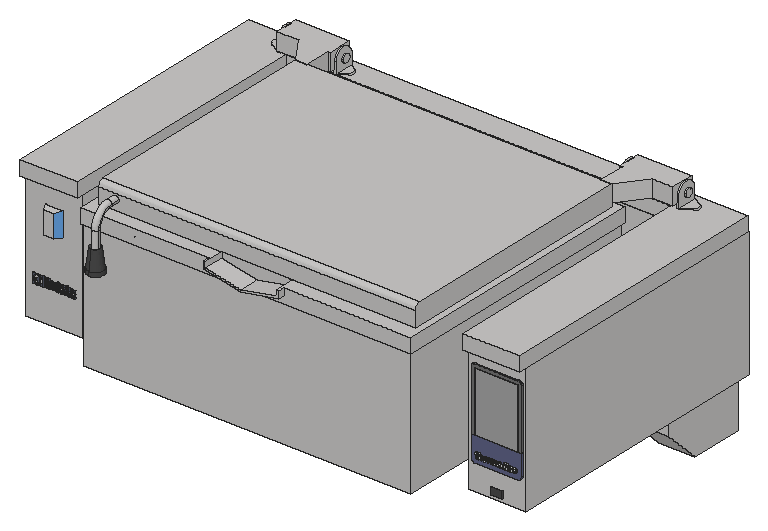
Revit family "QF_ELECTROLUXPROFESSIONAL_586280_PFET08ETEO", category Attrezzature speciali, Revit 2020
Family settings
  Quota connettore circolare = Usa diametro
  Tipo di parte = Normale
  Basato su piano di lavoro = No
  Sempre verticale = Sì
  Taglio con vuoti quando caricato = No
  Condiviso = No
  Punto di calcolo locali = No
Parameters (values of type "Standard")
  Weight = 240.00 kg
  Watts = 20600 W
  Volts = 400 V
  URL Manufacturer = "https://www.electroluxprofessional.com/"
  URL = "https://www.electroluxprofessional.com/"
  Steam Supply Size = 0 mm
  Steam Supply Minimum Pressure = 0.0 Pa
  Steam Supply Maximum Pressure = 0.0 Pa
  Steam Consumption per Hour = 0
  Refrigeration Suction Line Size = 0.0 mm
  Refrigeration Liquid Line Size = 0.0 mm
  Refrigerant Compressor Remote = yes
  Prospetto di default = 0.0 mm
  Produttore = "Electrolux Professional"
  Phase = 3
  Modello = "PFET08ETEO"
  Length Actual = 1400.0 mm  # constant formula
  Item Number = "586280"
  Hot Water Size = 12.7 mm
  Height Actual = 400.0 mm  # constant formula
  HP = "27.6 HP"
  Gas Size = 0 mm
  Gas KW = 0
  Gas Input Pressure = 0 W
  Direct Waste Size = 0 mm
  Descrizione = "ELECTRIC TILTING BRAISING PAN, 80L, COMPOUND, WALL,D800"
  Depth Actual = 800.0 mm  # constant formula
  Cycle = 50 Hz
  Condensate Return Size = 0 mm
  Compressed Air Volume = 0.0 L/s
  Compressed Air Size = 0 mm
  Compressed Air Pressure = 0.0 Pa
  Cold Water Size = 12.7 mm
  Accessory = yes
Reference planes
  plane 1 "Center (Front/Back)": y = 0
  plane 2: z = 0
  plane 3 "Center (Left/Right)": x = 0
  plane 4 "LEFT": x = -700
  plane 5 "RIGHT": x = 700
  plane 6 "BACK": y = 400
  plane 7 "FRONT": y = -400
  plane 8 "Base": z = 200
  plane 9 "TOP": z = 900
  plane 10: x = -540
  plane 11: x = 540
  plane 12 "Axe_PentolaY": y = -180
  plane 13 "AxePentolaZ": z = 730
  plane 14 "PLANE_TOP": z = 860
  plane 15: y = 330
  plane 16: z = 833
  plane 17: z = 502
  plane 18: z = 340
  plane 19: y = -502
  plane 20 "CentroPentolaY": y = -108
  plane 21 "TopCoperchio": z = 958
  plane 22 "Versamento": z = 910
  plane 23 "V1": through (-107.18, -558, 4000) normal (-0.7071, -0.7071, 0)
  plane 24 "V2": through (107.18, -558, 4000) normal (-0.7071, 0.7071, 0)
  plane 25 "Gfront": y = -1250
  plane 26 "LEVEL": through (-245.562, -289.383, 4000) normal (0.866, 0.5, 0)
  plane 27 "GRight": x = 250
  plane 28 "GLeft": x = -250
  plane 29 "Gback": y = -150
  plane 30: z = 1771
  plane 31 "Ribaltamento": y = -522
  plane 32 "AxeL": x = -620
  plane 33 "AxeR": x = 620
  plane 34 "Pentola_Back": y = 258
  plane 35 "Pentola_L": x = -457.5
  plane 36 "Pentola_R": x = 457.5
  plane 37: x = -397.5
  plane 38 "axeC1": x = -480
  plane 39 "axeC2": x = 480
Forms (mm)
  Revolve 1, solid, material "QF_Finishes_Stainless Steel"
    sketch origin (0, 0, 730) x (-1, 0, 0) y (0, -1, 0)
      loop
        line (540, 180) -> (-540, 180) -> (-540, 90) -> (-530, 90) -> (-530, 123) -> (530, 123) -> (530, 90) -> (540, 90) -> (540, 180)
      axis (540, 180) -> (-540, 180)
    angle from 0 to 360
  Extrusion 2, solid, material "QF_Finishes_Stainless Steel"
    sketch origin (0, 0, 860) x (-1, 0, 0) y (0, -1, 0)
      loop
        line (700, 400) -> (540, 400) -> (540, -330) -> (-540, -330) -> (-540, 400) -> (-700, 400) -> (-700, -400) -> (700, -400) -> (700, 400)
    from 0 to 40
  Extrusion 3, solid, material "QF_Finishes_Stainless Steel"
    sketch origin (0, 0, 860) x (-1, 0, 0) y (0, -1, 0)
      loop
        line (540, -330) -> (-540, -330) -> (-540, -400) -> (540, -400) -> (540, -330)
    from 0 to -360
  Extrusion 4, solid, material "QF_Finishes_Stainless Steel"
    sketch origin (-480, 0, 0) x (0, 1, 0) y (0, 0, 1)
      loop
        line (383.242, 900) -> (383.242, 931.379)
        arc (383.242, 931.379) -> (356.621, 958) -> (330, 931.379) r 26.621
        line (330, 931.379) -> (330, 900) -> (383.242, 900)
    from 75 to 82
  Extrusion 5, solid, material "QF_Finishes_Stainless Steel"
    sketch origin (-380, 0, 900) x (0, 1, 0) y (-1, 0, 0)
      loop
        line (334.36, 18) -> (345.936, -3.201)
        arc (345.936, -3.201) -> (356.621, -9.541) -> (367.305, -3.201) r 12.174
        line (367.305, -3.201) -> (378.882, 18) -> (334.36, 18)
      loop
        line (345.936, 211.185) -> (330, 182) -> (383.242, 182) -> (367.305, 211.185)
        arc (367.305, 211.185) -> (356.621, 217.525) -> (345.936, 211.185) r 12.174
    from 0 to 3
  Extrusion 6, solid, material "QF_Finishes_Stainless Steel"
    sketch origin (0, 0, 0) x (0, 1, 0) y (0, 0, 1)
      loop
        line (258, 860) -> (-479, 860) -> (-479, 502) -> (258, 502) -> (258, 860)
    from -457.5 to 457.5
  Extrusion 7, solid, material "QF_Finishes_Stainless Steel"
    sketch origin (0, 0, 0) x (0, 1, 0) y (0, 0, 1)
      loop
        line (264, 860) -> (264, 900) -> (-485, 900) -> (-485, 860) -> (264, 860)
    from -463.5 to 463.5
  Extrusion 8, void
    sketch origin (0, -400, 0) x (-1, 0, 0) y (0, 0, 1)
      loop
        line (-100, 900) -> (-100, 883.7) -> (0, 865.086) -> (100, 883.7) -> (100, 900) -> (-100, 900)
    from -102 to -45
  Extrusion 9, solid, material "QF_Finishes_Stainless Steel"
    sketch origin (0, 0, 0) x (0, 1, 0) y (0, 0, 1)
      loop
        line (244, 958) -> (-430, 958)
        arc (-430, 958) -> (-440.607, 953.607) -> (-445, 943) r 15
        line (-445, 943) -> (-445, 900) -> (244, 900) -> (244, 958)
    from -443.5 to 443.5
  Extrusion 10, solid, material "QF_Finishes_Stainless Steel"
    sketch origin (0, -400, 0) x (-1, 0, 0) y (0, 0, 1)
      loop
        line (105, 879.545) -> (105, 900) -> (100, 900) -> (100, 883.7) -> (0, 865.086) -> (-100, 883.7) -> (-100, 900) -> (-105, 900) -> (-105, 879.545) -> (0, 860) -> (105, 879.545)
    from -102 to -79
  Extrusion 11, solid, material "QF_Finishes_Stainless Steel"
    sketch origin (-480, 0, 0) x (0, 1, 0) y (0, 0, 1)
      loop
        line (383.242, 900) -> (383.242, 931.379)
        arc (383.242, 931.379) -> (356.621, 958) -> (330, 931.379) r 26.621
        line (330, 931.379) -> (330, 900) -> (383.242, 900)
    from -82 to -75
  Extrusion 12, solid, material "QF_Finishes_Stainless Steel"
    sketch origin (-480, 0, 0) x (0, 1, 0) y (0, 0, 1)
      loop
        circle (356.621, 931.379) r 10
    from 82 to 89
  Extrusion 13, solid, material "QF_Finishes_Stainless Steel"
    sketch origin (-480, 0, 0) x (0, 1, 0) y (0, 0, 1)
      loop
        circle (356.621, 931.379) r 10
    from -82 to -89
  Extrusion 14, solid, material "QF_Finishes_Stainless Steel"
    sketch origin (480, 0, 900) x (0, 1, 0) y (-1, 0, 0)
      loop
        arc (345.936, -111.185) -> (356.621, -117.525) -> (367.305, -111.185) r 12.174
        line (367.305, -111.185) -> (383.242, -82) -> (330, -82) -> (345.936, -111.185)
      loop
        line (345.936, 111.185) -> (330, 82) -> (383.242, 82) -> (367.305, 111.185)
        arc (367.305, 111.185) -> (356.621, 117.525) -> (345.936, 111.185) r 12.174
    from 0 to 3
  Extrusion 15, solid, material "QF_Finishes_Stainless Steel"
    sketch origin (480, 0, 0) x (0, 1, 0) y (0, 0, 1)
      loop
        circle (356.621, 931.379) r 10
    from 82 to 89
  Extrusion 16, solid, material "QF_Finishes_Stainless Steel"
    sketch origin (480, 0, 0) x (0, 1, 0) y (0, 0, 1)
      loop
        circle (356.621, 931.379) r 10
    from -82 to -89
  Extrusion 17, solid, material "QF_Finishes_Stainless Steel"
    sketch origin (480, 0, 0) x (0, 1, 0) y (0, 0, 1)
      loop
        line (383.242, 900) -> (383.242, 931.379)
        arc (383.242, 931.379) -> (356.621, 958) -> (330, 931.379) r 26.621
        line (330, 931.379) -> (330, 900) -> (383.242, 900)
    from 75 to 82
  Extrusion 18, solid, material "QF_Finishes_Stainless Steel"
    sketch origin (480, 0, 0) x (0, 1, 0) y (0, 0, 1)
      loop
        line (383.242, 900) -> (383.242, 931.379)
        arc (383.242, 931.379) -> (356.621, 958) -> (330, 931.379) r 26.621
        line (330, 931.379) -> (330, 900) -> (383.242, 900)
    from -82 to -75
  Extrusion 19, solid, material "QF_Finishes_Stainless Steel"
    sketch origin (0, 0, 900) x (0, 1, 0) y (-1, 0, 0)
      loop
        line (318.242, 412.5) -> (318.242, 405) -> (383.242, 405) -> (383.242, 555) -> (318.242, 555) -> (318.242, 495.485) -> (244, 443.5) -> (244, 412.5) -> (318.242, 412.5)
      loop
        line (318.242, -412.5) -> (244, -412.5) -> (244, -443.5) -> (318.242, -495.485) -> (318.242, -555) -> (383.242, -555) -> (383.242, -405) -> (318.242, -405) -> (318.242, -412.5)
    from 10 to 58
  Extrusion 20, solid, material "QF_Door-Drawer Clearances", detail levels coarse
    sketch origin (0, 43.989, -0.088) x (0, 1, 0) y (0, 0, 1)
      loop
        arc (-542.39, 847.898) -> (-565.226, 709.247) -> (-522.989, 575.225) r 302.677
        line (-522.989, 575.225) -> (-522.989, 847.898) -> (-542.39, 847.898)
      loop
        line (325.826, 958.088) -> (124.719, 1720.046) -> (110.522, 1716.299) -> (105.888, 1733.858)
        arc (105.888, 1733.858) -> (78.382, 1766.541) -> (35.668, 1766.049) r 50.001
        arc (35.668, 1766.049) -> (-403.465, 1439.012) -> (-557.984, 913.736) r 864.329
        arc (-557.984, 913.736) -> (-540.994, 929.536) -> (-518.989, 936.891) r 54.807
        line (-518.989, 936.891) -> (-488.989, 936.891) -> (-488.989, 943.088)
        arc (-488.989, 943.088) -> (-484.596, 953.695) -> (-473.989, 958.088) r 15
        line (-473.989, 958.088) -> (325.826, 958.088)
    from 105 to -105
Cuts and joins
  Extrusion 8 cuts Extrusion 7
  joined: Extrusion 7, Extrusion 10
Lines and regions (mm)
  symbolic lines
    curve 1: line (700, 400, 900) -> (-700, 400, 900)
    curve 2: line (700, -400, 900) -> (700, 400, 900)
    curve 3: line (-700, 400, 900) -> (-700, -400, 900)
    curve 4: line (-700, -400, 900) -> (-540, -400, 900)
    curve 5: line (-540, -400, 900) -> (-540, 318.242, 900)
    curve 6: line (540, -400, 900) -> (700, -400, 900)
    curve 7: line (530, -90, 900) -> (530, -270, 900)
    curve 8: line (-530, -90, 900) -> (-530, -270, 900)
    curve 9: line (-530, -90, 900) -> (-540, -90, 900)
    curve 10: line (-530, -270, 900) -> (-540, -270, 900)
    curve 11: line (530, -90, 900) -> (540, -90, 900)
    curve 12: line (530, -270, 900) -> (540, -270, 900)
    curve 18: line (562, 330, 900) -> (555, 330, 900)
    curve 19: line (-530, -122.761, 900) -> (-462.169, -122.761, 900)
    curve 20: line (-530, -236.868, 900) -> (-463.5, -236.868, 900)
    curve 21: line (530, -122.761, 900) -> (463.5, -122.761, 900)
    curve 22: line (530, -236.868, 900) -> (463.5, -236.868, 900)
    curve 49: line (-495.485, 318.242, 900) -> (-443.5, 244, 900)
    curve 50: line (-397.5, 244, 900) -> (-397.5, 264, 900)
    curve 51: line (-555, 383.242, 900) -> (-555, 318.242, 900)
    curve 52: line (-398, 383.242, 900) -> (-562, 383.242, 900)
    curve 53: line (-569, 366.621, 900) -> (-569, 346.621, 900)
    curve 54: line (-591.185, 345.936, 900) -> (-562, 330, 900)
    curve 55: arc (-591.185, 367.305, 900) -> (-597.525, 356.621, 900) -> (-591.185, 345.936, 900) r 12.174
    curve 56: line (-562, 383.242, 900) -> (-591.185, 367.305, 900)
    curve 57: line (-562, 383.242, 900) -> (-562, 330, 900)
    curve 58: arc (591.185, 345.936, 900) -> (597.525, 356.621, 900) -> (591.185, 367.305, 900) r 12.174
    curve 59: line (562, 330, 900) -> (591.185, 345.936, 900)
    curve 60: line (591.185, 367.305, 900) -> (562, 383.242, 900)
    curve 61: line (562, 330, 900) -> (562, 383.242, 900)
    curve 62: line (569, 346.621, 900) -> (569, 366.621, 900)
    curve 63: line (405, 383.242, 900) -> (405, 318.242, 900)
    curve 64: line (368.815, 345.936, 900) -> (398, 330, 900)
    curve 65: line (398, 383.242, 900) -> (368.815, 367.305, 900)
    curve 66: arc (368.815, 367.305, 900) -> (362.475, 356.621, 900) -> (368.815, 345.936, 900) r 12.174
    curve 67: line (391, 366.621, 900) -> (391, 346.621, 900)
    curve 68: line (398, 383.242, 900) -> (398, 330, 900)
    curve 69: line (-412.5, 244, 900) -> (-412.5, 318.242, 900)
    curve 70: line (463.5, 264, 900) -> (457.504, 264, 900)
    curve 71: line (-569, 366.621, 900) -> (-562, 366.621, 900)
    curve 72: line (-569, 346.621, 900) -> (-562, 346.621, 900)
    curve 73: line (-391, 366.621, 900) -> (-398, 366.621, 900)
    curve 74: line (-391, 346.621, 900) -> (-398, 346.621, 900)
    curve 75: line (391, 346.621, 900) -> (398, 346.621, 900)
    curve 76: line (391, 366.621, 900) -> (398, 366.621, 900)
    curve 77: line (569, 366.621, 900) -> (562, 366.621, 900)
    curve 78: line (569, 346.621, 900) -> (562, 346.621, 900)
    curve 79: line (398, 383.242, 900) -> (562, 383.242, 900)
    curve 80: line (405, 330, 900) -> (-398, 330, 900)
    curve 81: line (555, 318.242, 900) -> (555, 383.242, 900)
    curve 82: line (540, 318.242, 900) -> (540, -400, 900)
    curve 83: line (-562, 330, 900) -> (-555, 330, 900)
    curve 84: line (-391, 366.621, 900) -> (-391, 346.621, 900)
    curve 85: line (-392, 337.636, 900) -> (-376.799, 345.936, 900)
    curve 86: arc (-376.799, 345.936, 900) -> (-370.459, 356.621, 900) -> (-376.799, 367.305, 900) r 12.174
    curve 87: line (412.5, 244, 900) -> (412.5, 318.242, 900)
    curve 88: line (-495.485, 318.242, 900) -> (-555, 318.242, 900)
    curve 89: line (-412.5, 318.242, 900) -> (-405, 318.242, 900)
    curve 90: line (-405, 318.242, 900) -> (-405, 383.242, 900)
    curve 91: line (-376.799, 367.305, 900) -> (-398, 378.882, 900)
    curve 92: line (-398, 383.242, 900) -> (-398, 330, 900)
    curve 93: line (-457.504, 264, 900) -> (-463.5, 264, 900)
    curve 94: line (412.5, 264, 900) -> (-412.5, 264, 900)
    curve 95: line (555, 318.242, 900) -> (495.485, 318.242, 900)
    curve 96: line (495.485, 318.242, 900) -> (443.5, 244, 900)
    curve 97: line (405, 318.242, 900) -> (412.5, 318.242, 900)
    curve 98: line (-443.5, -445, 900) -> (443.5, -445, 900)
    curve 99: line (463.5, -485, 900) -> (105, -485, 900)
    curve 100: line (-105, -485, 900) -> (-463.5, -485, 900)
    curve 101: line (-405, 330, 900) -> (-398, 330, 900)
  symbolic lines, style "SpecialityEquipmentHiddenLines"
    curve 13: line (-250, -1250, 900) -> (250, -1250, 900)
    curve 14: line (-250, -150, 900) -> (-250, -1250, 900)
    curve 15: line (250, -150, 900) -> (-250, -150, 900)
    curve 16: line (250, -1250, 900) -> (250, -150, 900)
    curve 39: line (0, -1115.484, 900) -> (0, -1085.484, 900)
    curve 40: line (-15, -1100.484, 900) -> (15, -1100.484, 900)
  symbolic lines, style "SpecialityEquipment"
    curve 17: circle (0, -1100.484, 900) r 15 normal (0, 0, 1)
    curve 23: line (210, -1250, 900) -> (210, -1050, 900)
    curve 24: line (170, -1250, 900) -> (170, -1090, 900)
    curve 25: line (130, -1250, 900) -> (130, -1130, 900)
    curve 26: line (90, -1250, 900) -> (90, -1170, 900)
    curve 27: line (90, -1210, 900) -> (250, -1210, 900)
    curve 28: line (130, -1170, 900) -> (250, -1170, 900)
    curve 29: line (170, -1130, 900) -> (250, -1130, 900)
    curve 30: line (210, -1090, 900) -> (250, -1090, 900)
    curve 31: line (-210, -1250, 900) -> (-210, -1050, 900)
    curve 32: line (-170, -1250, 900) -> (-170, -1090, 900)
    curve 33: line (-130, -1250, 900) -> (-130, -1130, 900)
    curve 34: line (-90, -1250, 900) -> (-90, -1170, 900)
    curve 35: line (-90, -1210, 900) -> (-250, -1210, 900)
    curve 36: line (-130, -1170, 900) -> (-250, -1170, 900)
    curve 37: line (-170, -1130, 900) -> (-250, -1130, 900)
    curve 38: line (-210, -1090, 900) -> (-250, -1090, 900)
    curve 41: line (-443.5, 244, 900) -> (-443.5, -445, 900)
    curve 42: line (443.5, -445, 900) -> (443.5, 244, 900)
    curve 43: line (443.5, 244, 900) -> (-443.5, 244, 900)
    curve 44: line (-463.5, 264, 900) -> (-463.5, -485, 900)
    curve 45: line (463.5, -485, 900) -> (463.5, 264, 900)
    curve 46: line (-105, -502, 900) -> (105, -502, 900)
    curve 47: line (105, -502, 900) -> (105, -445, 900)
    curve 48: line (-105, -445, 900) -> (-105, -502, 900)
Dimensions and locks
  plane 4 "LEFT" to plane 5 "RIGHT" = 1400.0 mm
  equal spacing: plane 4 "LEFT", plane 3 "Center (Left/Right)", plane 5 "RIGHT"
  equal spacing: plane 6 "BACK", plane 1 "Center (Front/Back)", plane 7 "FRONT"
  plane 6 "BACK" to plane 7 "FRONT" = 800.0 mm
  plane 8 "Base" to level = 200.0 mm
  plane 9 "TOP" to level = 900.0 mm
  plane 9 "TOP" to plane 8 "Base" = 700.0 mm
  locked: plane 4 "LEFT" to plane 10 at 160
  locked: plane 11 to plane 5 "RIGHT" at 160
  locked: plane 6 "BACK" to plane 12 "Axe_PentolaY" at 580
  locked: plane 13 "AxePentolaZ" to plane 8 "Base" at 530
  locked: Revolve 1 sketch curve to Revolve 1 sketch curve at 57
  locked: Revolve 1 sketch curve to Revolve 1 sketch curve at 90
  locked: plane 10 to Revolve 1 sketch curve at 10
  locked: Revolve 1 sketch curve to plane 11 at 10
  locked: plane 9 "TOP" to plane 14 "PLANE_TOP" at 40
  plane 6 "BACK" to plane 15 = 70.0 mm
  locked: plane 16 to plane 13 "AxePentolaZ" at 103
  locked: plane 13 "AxePentolaZ" to plane 17 at 228
  locked: plane 17 to plane 18 at 162
  plane 6 "BACK" to plane 19 = 902.0 mm
  locked: plane 6 "BACK" to plane 20 "CentroPentolaY" at 508
  locked: plane 21 "TopCoperchio" to plane 9 "TOP" at 58
  locked: plane 22 "Versamento" to level at 910
  plane 6 "BACK" to plane 25 "Gfront" = 1650.0 mm
  locked: plane 28 "GLeft" to plane 3 "Center (Left/Right)" at 250
  locked: plane 3 "Center (Left/Right)" to plane 27 "GRight" at 250
  plane 6 "BACK" to plane 29 "Gback" = 550.0 mm
  plane 30 to plane 9 "TOP" = 871.0 mm
  plane 6 "BACK" to plane 31 "Ribaltamento" = 922.0 mm
  equal spacing: plane 10, plane 32 "AxeL", plane 4 "LEFT"
  equal spacing: plane 5 "RIGHT", plane 33 "AxeR", plane 11
  locked: plane 36 "Pentola_R" to plane 35 "Pentola_L" at 915
  equal spacing: plane 36 "Pentola_R", plane 3 "Center (Left/Right)", plane 35 "Pentola_L"
  locked: Extrusion 7 sketch curve to plane 34 "Pentola_Back" at 6
  plane 34 "Pentola_Back" to plane 12 "Axe_PentolaY" = 438.0 mm
  locked: plane 37 to plane 35 "Pentola_L" at 60
  plane 4 "LEFT" to plane 38 "axeC1" = 220.0 mm
  plane 39 "axeC2" to plane 5 "RIGHT" = 220.0 mm
  locked: cut or joined group of Extrusion 7, Extrusion 8, Extrusion 10 to plane 36 "Pentola_R" at 6
  locked: plane 35 "Pentola_L" to cut or joined group of Extrusion 7, Extrusion 8, Extrusion 10 at 6
  locked: Extrusion 9 to plane 35 "Pentola_L" at 14
  locked: plane 36 "Pentola_R" to Extrusion 9 at 14
  aligned and locked: level to plane 2
  aligned and locked: plane 5 "RIGHT" to nested 2
  aligned and locked: plane 4 "LEFT" to nested 1
  aligned and locked: plane 6 "BACK" to nested 2
  aligned and locked: plane 10 to Revolve 1 sketch curve
  aligned and locked: plane 11 to Revolve 1 sketch curve
  aligned and locked: plane 4 "LEFT" to Extrusion 2 sketch curve
  aligned and locked: Extrusion 2 sketch curve to plane 10
  aligned and locked: plane 7 "FRONT" to Extrusion 2 sketch curve  (x2)
  aligned and locked: Extrusion 2 sketch curve to plane 5 "RIGHT"
  aligned and locked: plane 11 to Extrusion 2 sketch curve
  aligned and locked: Extrusion 2 sketch curve to plane 6 "BACK"
  aligned and locked: plane 15 to Extrusion 2 sketch curve
  aligned and locked: Extrusion 3 sketch curve to plane 10
  aligned and locked: plane 6 "BACK" to Extrusion 3 sketch curve
  aligned and locked: plane 11 to Extrusion 3 sketch curve
  aligned and locked: Extrusion 3 sketch curve to plane 15
  aligned and locked: curve 13 to plane 25 "Gfront"
  aligned and locked: curve 14 to plane 28 "GLeft"
  aligned and locked: plane 27 "GRight" to curve 16
  aligned and locked: plane 29 "Gback" to curve 15
  aligned and locked: plane 17 to Extrusion 6 sketch curve
  aligned and locked: plane 9 "TOP" to Extrusion 7 sketch curve
  aligned and locked: Extrusion 6 to plane 35 "Pentola_L"
  aligned and locked: plane 36 "Pentola_R" to Extrusion 6
  aligned and locked: plane 37 to nested 3
Automatic sketch dimensions
  plane 12 "Axe_PentolaY" to Revolve 1 sketch curve = 0.0 mm
  Revolve 1 sketch curve to plane 12 "Axe_PentolaY" = 0.0 mm
  plane 20 "CentroPentolaY" to Revolve 1 sketch curve = 18.0 mm
  plane 5 "RIGHT" to Revolve 1 sketch curve = 432.098 mm
  Revolve 1 sketch curve to plane 4 "LEFT" = 580.148 mm
  Extrusion 4 sketch curve to plane 9 "TOP" = 0.0 mm
  Extrusion 4 sketch curve to plane 15 = 0.0 mm
  plane 15 to Extrusion 4 sketch curve = 26.621 mm
  plane 22 "Versamento" to Extrusion 4 sketch curve = 21.379 mm
  plane 16 to Extrusion 6 sketch curve = 27.0 mm
  Extrusion 6 sketch curve to plane 34 "Pentola_Back" = 0.0 mm
  Extrusion 6 sketch curve to plane 7 "FRONT" = 79.0 mm
  Extrusion 7 sketch curve to plane 7 "FRONT" = 85.0 mm
  Extrusion 9 sketch curve to plane 9 "TOP" = 0.0 mm
  Extrusion 9 sketch curve to plane 7 "FRONT" = 45.0 mm
  Extrusion 9 sketch curve to Extrusion 9 sketch curve = 15.0 mm
  Extrusion 9 sketch curve to plane 34 "Pentola_Back" = 14.0 mm
  Extrusion 11 sketch curve to plane 9 "TOP" = 0.0 mm
  Extrusion 11 sketch curve to plane 15 = 0.0 mm
  plane 15 to Extrusion 11 sketch curve = 26.621 mm
  plane 22 "Versamento" to Extrusion 11 sketch curve = 21.379 mm
  plane 15 to Extrusion 12 sketch curve = 26.621 mm
  plane 22 "Versamento" to Extrusion 12 sketch curve = 21.379 mm
  plane 15 to Extrusion 13 sketch curve = 26.621 mm
  plane 22 "Versamento" to Extrusion 13 sketch curve = 21.379 mm
  Extrusion 14 sketch curve to plane 15 = 0.0 mm  (x2)
  plane 15 to Extrusion 14 sketch curve = 15.936 mm  (x2)
  Extrusion 14 sketch curve to Extrusion 14 sketch curve = 10.684 mm  (x4)
  plane 27 "GRight" to Extrusion 14 sketch curve = 118.815 mm
  Extrusion 14 sketch curve to plane 6 "BACK" = 16.758 mm  (x2)
  Extrusion 14 sketch curve to Extrusion 14 sketch curve = 5.834 mm  (x2)
  Extrusion 14 sketch curve to Extrusion 14 sketch curve = 29.185 mm
  plane 11 to Extrusion 14 sketch curve = 22.0 mm
  Extrusion 14 sketch curve to plane 33 "AxeR" = 34.649 mm
  plane 15 to Extrusion 15 sketch curve = 26.621 mm
  plane 22 "Versamento" to Extrusion 15 sketch curve = 21.379 mm
  plane 15 to Extrusion 16 sketch curve = 26.621 mm
  plane 22 "Versamento" to Extrusion 16 sketch curve = 21.379 mm
  Extrusion 17 sketch curve to plane 9 "TOP" = 0.0 mm
  Extrusion 17 sketch curve to plane 15 = 0.0 mm
  Extrusion 17 sketch curve to Extrusion 17 sketch curve = 26.621 mm
  plane 22 "Versamento" to Extrusion 17 sketch curve = 21.379 mm
  Extrusion 18 sketch curve to plane 9 "TOP" = 0.0 mm
  Extrusion 18 sketch curve to plane 15 = 0.0 mm
  Extrusion 18 sketch curve to Extrusion 18 sketch curve = 26.621 mm
  plane 22 "Versamento" to Extrusion 18 sketch curve = 21.379 mm
  Extrusion 9 sketch curve to plane 21 "TopCoperchio" = 0.0 mm
  plane 16 to Extrusion 7 sketch curve = 27.0 mm
  plane 15 to Extrusion 5 sketch curve = 4.36 mm
  Extrusion 5 sketch curve to plane 15 = 0.0 mm
  plane 15 to Extrusion 5 sketch curve = 15.936 mm  (x2)
  Extrusion 5 sketch curve to Extrusion 5 sketch curve = 10.684 mm  (x4)
  Extrusion 5 sketch curve to plane 6 "BACK" = 16.758 mm
  plane 37 to Extrusion 5 sketch curve = 20.701 mm
  Extrusion 5 sketch curve to Extrusion 5 sketch curve = 5.834 mm  (x2)
  Extrusion 5 sketch curve to plane 10 = 22.0 mm
  plane 32 "AxeL" to Extrusion 5 sketch curve = 34.649 mm
  Extrusion 5 sketch curve to plane 6 "BACK" = 21.118 mm
  Extrusion 5 sketch curve to plane 37 = 0.5 mm
  Extrusion 20 sketch curve to plane 21 "TopCoperchio" = 0.0 mm
  plane 19 to Extrusion 20 sketch curve = 3.599 mm
  Extrusion 20 sketch curve to plane 14 "PLANE_TOP" = 12.19 mm
  Extrusion 20 sketch curve to Extrusion 20 sketch curve = 19.401 mm
  plane 19 to Extrusion 20 sketch curve = 27.0 mm
  Extrusion 20 sketch curve to plane 9 "TOP" = 17.677 mm
  plane 19 to Extrusion 20 sketch curve = 32.978 mm
  Extrusion 20 sketch curve to Extrusion 20 sketch curve = 30.0 mm
  plane 13 "AxePentolaZ" to Extrusion 20 sketch curve = 0.64 mm
  Extrusion 20 sketch curve to plane 12 "Axe_PentolaY" = 39.323 mm
  Extrusion 20 sketch curve to plane 30 = 50.0 mm
  Extrusion 20 sketch curve to plane 1 "Center (Front/Back)" = 101.535 mm
  Extrusion 20 sketch curve to plane 30 = 37.23 mm
  Extrusion 20 sketch curve to Extrusion 20 sketch curve = 48.343 mm
  Extrusion 20 sketch curve to plane 30 = 54.789 mm
  Extrusion 20 sketch curve to Extrusion 20 sketch curve = 4.634 mm
  Extrusion 20 sketch curve to plane 30 = 51.042 mm
  plane 15 to Extrusion 20 sketch curve = 19.768 mm
  plane 9 "TOP" to Extrusion 20 sketch curve = 36.803 mm
  Extrusion 20 sketch curve to plane 21 "TopCoperchio" = 15.0 mm
  Extrusion 20 sketch curve to plane 21 "TopCoperchio" = 13.078 mm
  plane 9 "TOP" to Extrusion 20 sketch curve = 13.648 mm
  Extrusion 19 sketch curve to plane 34 "Pentola_Back" = 14.0 mm  (x2)
  Extrusion 19 sketch curve to plane 15 = 11.758 mm  (x4)
  Extrusion 19 sketch curve to plane 6 "BACK" = 16.758 mm  (x2)
  Extrusion 19 sketch curve to plane 37 = 7.5 mm
  Extrusion 19 sketch curve to plane 36 "Pentola_R" = 52.5 mm
  Extrusion 19 sketch curve to Extrusion 19 sketch curve = 7.5 mm
  Extrusion 19 sketch curve to plane 36 "Pentola_R" = 14.0 mm
  plane 39 "axeC2" to Extrusion 19 sketch curve = 15.485 mm
  plane 11 to Extrusion 19 sketch curve = 15.0 mm
  Extrusion 19 sketch curve to plane 37 = 15.0 mm
  plane 35 "Pentola_L" to Extrusion 19 sketch curve = 14.0 mm
  Extrusion 19 sketch curve to plane 38 "axeC1" = 15.485 mm
  Extrusion 19 sketch curve to plane 10 = 15.0 mm
  curve 39 to plane 3 "Center (Left/Right)" = 0.0 mm
  curve 17 to plane 3 "Center (Left/Right)" = 0.0 mm
  curve 47 to plane 19 = 0.0 mm
  curve 2 to plane 5 "RIGHT" = 0.0 mm
  curve 2 to plane 7 "FRONT" = 0.0 mm
  curve 3 to plane 4 "LEFT" = 0.0 mm
  curve 3 to plane 7 "FRONT" = 0.0 mm
  curve 12 to plane 11 = 0.0 mm
  curve 10 to plane 10 = 0.0 mm
  curve 50 to plane 37 = 0.0 mm
  curve 101 to plane 15 = 0.0 mm
  curve 18 to plane 15 = 0.0 mm
  curve 54 to plane 15 = 0.0 mm
  curve 2 to plane 6 "BACK" = 0.0 mm
  plane 25 "Gfront" to curve 17 = 149.516 mm
  curve 100 to plane 35 "Pentola_L" = 6.0 mm
  plane 19 to curve 100 = 17.0 mm
  plane 36 "Pentola_R" to curve 45 = 6.0 mm
  plane 19 to curve 45 = 17.0 mm
  curve 98 to plane 36 "Pentola_R" = 14.0 mm
  curve 45 to curve 98 = 40.0 mm
  curve 12 to plane 11 = 10.0 mm
  curve 12 to plane 12 "Axe_PentolaY" = 90.0 mm
  plane 10 to curve 8 = 10.0 mm
  curve 8 to plane 12 "Axe_PentolaY" = 90.0 mm
  plane 20 "CentroPentolaY" to curve 11 = 18.0 mm
  plane 20 "CentroPentolaY" to curve 9 = 18.0 mm
  curve 41 to plane 34 "Pentola_Back" = 14.0 mm
  plane 34 "Pentola_Back" to curve 44 = 6.0 mm
  plane 34 "Pentola_Back" to curve 70 = 6.0 mm
  curve 95 to plane 15 = 11.758 mm
  curve 97 to plane 15 = 11.758 mm
  curve 89 to plane 15 = 11.758 mm
  curve 88 to plane 15 = 11.758 mm
  plane 15 to curve 85 = 15.936 mm
  plane 15 to curve 59 = 15.936 mm
  plane 15 to curve 54 = 15.936 mm
  plane 15 to curve 64 = 15.936 mm
  plane 15 to curve 75 = 16.621 mm
  plane 37 to curve 84 = 6.5 mm
  curve 86 to curve 84 = 0.684 mm
  plane 15 to curve 72 = 16.621 mm
  plane 15 to curve 78 = 16.621 mm
  curve 85 to curve 86 = 10.684 mm
  curve 66 to curve 66 = 10.684 mm
  curve 54 to curve 55 = 10.684 mm
  curve 58 to curve 58 = 10.684 mm
  curve 66 to curve 67 = 10.0 mm
  curve 86 to curve 73 = 10.0 mm
  curve 55 to curve 71 = 10.0 mm
  curve 58 to curve 77 = 10.0 mm
  curve 58 to curve 60 = 10.684 mm
  curve 55 to curve 56 = 10.684 mm
  plane 37 to curve 91 = 20.701 mm
  curve 86 to curve 91 = 10.684 mm
  curve 66 to curve 65 = 10.684 mm
  curve 92 to plane 37 = 0.5 mm
  curve 73 to curve 92 = 16.621 mm
  curve 76 to curve 65 = 16.621 mm
  curve 59 to plane 33 "AxeR" = 28.815 mm
  curve 58 to curve 58 = 5.834 mm
  curve 58 to curve 62 = 16.351 mm
  curve 62 to curve 18 = 7.0 mm
  curve 18 to curve 95 = 7.0 mm
  plane 39 "axeC2" to curve 96 = 15.485 mm
  curve 87 to plane 36 "Pentola_R" = 45.0 mm
  curve 87 to curve 97 = 7.5 mm
  curve 63 to curve 68 = 7.0 mm
  curve 76 to curve 76 = 7.0 mm
  curve 67 to curve 66 = 16.351 mm
  curve 66 to curve 65 = 5.834 mm
  plane 3 "Center (Left/Right)" to curve 47 = 105.0 mm
  curve 48 to plane 3 "Center (Left/Right)" = 105.0 mm
  curve 86 to curve 86 = 5.834 mm
  curve 90 to plane 37 = 7.5 mm
  curve 89 to curve 69 = 7.5 mm
  plane 35 "Pentola_L" to curve 98 = 14.0 mm
  curve 49 to plane 38 "axeC1" = 15.485 mm
  curve 88 to plane 10 = 15.0 mm
  curve 51 to curve 56 = 7.0 mm
  curve 72 to curve 53 = 7.0 mm
  curve 53 to curve 55 = 16.351 mm
  curve 55 to curve 56 = 5.834 mm
  curve 34 to curve 35 = 40.0 mm
  curve 26 to curve 27 = 40.0 mm
  curve 35 to curve 34 = 40.0 mm
  curve 35 to curve 36 = 40.0 mm
  curve 27 to curve 28 = 40.0 mm
  curve 26 to curve 28 = 0.0 mm
  curve 36 to curve 37 = 40.0 mm
  curve 28 to curve 29 = 40.0 mm
  curve 28 to curve 25 = 40.0 mm
  curve 37 to curve 33 = 0.0 mm
  curve 39 to curve 17 = 15.0 mm
  curve 40 to curve 17 = 0.0 mm
  curve 37 to curve 38 = 40.0 mm
  curve 29 to curve 24 = 40.0 mm
  curve 29 to curve 30 = 40.0 mm
  curve 38 to curve 32 = 0.0 mm
  curve 38 to curve 31 = 40.0 mm
  curve 30 to curve 23 = 40.0 mm
  curve 7 to curve 22 = 33.132 mm
  curve 20 to plane 12 "Axe_PentolaY" = 56.868 mm
  curve 19 to plane 20 "CentroPentolaY" = 14.761 mm
  curve 21 to plane 20 "CentroPentolaY" = 14.761 mm
  plane 34 "Pentola_Back" to curve 50 = 6.0 mm
  plane 15 to curve 85 = 7.636 mm
  curve 91 to curve 52 = 4.36 mm
  curve 64 to curve 68 = 0.0 mm
  curve 23 to plane 27 "GRight" = 40.0 mm
  curve 30 to curve 29 = 40.0 mm
  curve 24 to curve 25 = 40.0 mm
  curve 28 to curve 26 = 40.0 mm
  curve 35 to plane 3 "Center (Left/Right)" = 90.0 mm
  curve 34 to curve 36 = 40.0 mm
  curve 33 to curve 32 = 40.0 mm
  plane 28 "GLeft" to curve 31 = 40.0 mm
  plane 37 to curve 85 = 5.5 mm
  curve 19 to plane 35 "Pentola_L" = 4.669 mm
  Extrusion 8 sketch curve to plane 9 "TOP" = 0.0 mm
  plane 3 "Center (Left/Right)" to Extrusion 8 sketch curve = 100.0 mm
  plane 14 "PLANE_TOP" to Extrusion 8 sketch curve = 23.7 mm  (x2)
  Extrusion 8 sketch curve to plane 3 "Center (Left/Right)" = 100.0 mm
  plane 3 "Center (Left/Right)" to Extrusion 8 sketch curve = 0.0 mm
  plane 14 "PLANE_TOP" to Extrusion 8 sketch curve = 5.086 mm
  Extrusion 10 sketch curve to plane 9 "TOP" = 0.0 mm  (x2)
  Extrusion 10 sketch curve to plane 3 "Center (Left/Right)" = 0.0 mm  (x2)
  Extrusion 10 sketch curve to plane 14 "PLANE_TOP" = 0.0 mm
  plane 14 "PLANE_TOP" to Extrusion 10 sketch curve = 19.545 mm  (x2)
  Extrusion 10 sketch curve to plane 9 "TOP" = 16.3 mm  (x2)
  plane 14 "PLANE_TOP" to Extrusion 10 sketch curve = 5.086 mm
  Extrusion 10 sketch curve to Extrusion 10 sketch curve = 5.0 mm  (x2)
  Extrusion 10 sketch curve to plane 3 "Center (Left/Right)" = 100.0 mm
  plane 3 "Center (Left/Right)" to Extrusion 10 sketch curve = 100.0 mm
  radius of Extrusion 12 sketch curve = 10.0 mm
  radius of Extrusion 13 sketch curve = 10.0 mm
  radius of Extrusion 15 sketch curve = 10.0 mm
  radius of Extrusion 16 sketch curve = 10.0 mm
Nested families
  nested 1: "QF_ELECTROLUXPROFESSIONAL_PBOT800H400_LEFT" at (-620, 0, 0), type "QF_ELECTROLUXPROFESSIONAL_PBOT800H400_LEFT"
    with Body Finish QF_Finishes_Stainless Steel
  nested 2: "QF_ELECTROLUXPROFESSIONAL_PBOT800H400_RIGHT" at (620, 0, 0), type "QF_ELECTROLUXPROFESSIONAL_PBOT800H400_RIGHT"
    with Body Finish QF_Finishes_Stainless Steel
  nested 3: "QF_ELECTROLUXPROFESSIONAL_PFET900_LEVEL2" at (-397.5, -445, 927.803), type "QF_ELECTROLUXPROFESSIONAL_PFET900_LEVEL2"
Connectors
  piping at (-650, 403, 395), diameter 12.7, driven by "Hot Water Size"
    settings: on nested 1, index 1, connector inside diameter 609.6 mm, connector length 0.0 mm, flow factor 0, pipe flow 0.0 L/s, pressure drop 0.0 Pa, fitting loss kfactor 0, connector angle 0.00°, fixture units 0, engagement length 0.0 mm, angle of deflection 0.00°, flow configuration 1, flow direction 1, fitting loss method 0, system type 19, joint type 0, gender type 0, connector reference index -1, connector utility 0, adjustable connector no, is connector primary yes, connector description "Hot Water Inlet"
  piping at (-590, 403, 395), diameter 12.7, driven by "Cold Water Size"
    settings: on nested 1, index 2, connector inside diameter 609.6 mm, connector length 0.0 mm, flow factor 0, pipe flow 0.0 L/s, pressure drop 0.0 Pa, fitting loss kfactor 0, connector angle 0.00°, fixture units 0, engagement length 0.0 mm, angle of deflection 0.00°, flow configuration 1, flow direction 1, fitting loss method 0, system type 20, joint type 0, gender type 0, connector reference index -1, connector utility 0, adjustable connector no, is connector primary no, connector description "Cold Water Inlet"
  electrical at (620, 400, 450), driven by "Volts"
    settings: on nested 2, index 3, voltage 400 V, apparent load 0 VA, apparent load phase1 0 VA, apparent load phase2 0 VA, apparent load phase3 0 VA, power factor 1, load classification "Other", number of poles 1, system type 30, power factor state 1, is connector primary yes, connector utility no, sub classification motor no, connector description "Electrical Connection"
Definition of nested family "QF_ELECTROLUXPROFESSIONAL_PBOT800H400_LEFT"
  Parameters
    Width = 160.0 mm
    Right = Width / 2  # 80.0 mm
    Default Elevation = 0.0 mm
    Left = -Width / 2  # -80.0 mm
    Htop = 40.0 mm
    Height = 900.0 mm
    HW_CW_y = 312.0 mm
    HW_CW_Border = 50.0 mm
    HBase = 200.0 mm
    Depth = 800.0 mm
    BorderFront = 20.0 mm
    Body Finish [instance] = none
  Reference planes
    plane 1 "Center (Front/Back)": y = 0
    plane 2: z = 0
    plane 3 "Center (Left/Right)": x = 0
    plane 4 "LEFT": x = -80
    plane 5 "RIGHT": x = 80
    plane 6 "BACK": y = 400
    plane 7 "FRONT": y = -400
    plane 8 "TOP": z = 900
    plane 9 "BorderFront": y = -380
    plane 10: z = 860
    plane 11: x = -30
    plane 12: x = 30
    plane 13: z = 500
    plane 14 "Base": z = 350
    plane 15: y = 160
    plane 16: x = 20
    plane 17: z = 800
    plane 18: z = 525
  Forms (mm)
    Extrusion 1, solid
      sketch origin (0, 0, 0) x (1, 0, 0) y (0, 1, 0)
        loop
          line (-80, 400) -> (-80, -380) -> (80, -380) -> (80, 400) -> (-80, 400)
      from 860 to 500
    Extrusion 2, solid, material <- "Body Finish"
      sketch origin (0, 400, 0) x (-1, 0, 0) y (0, 0, 1)
        loop
          circle (30, 395) r 6.35
        loop
          circle (-30, 395) r 6.35
      from 3 to 0
    Blend 3, solid, material <- "Body Finish"
      base sketch origin (0, -380, -0.233) x (-1, 0, 0) y (0, 0, 1)
        loop
          line (23.5, 800.233) -> (-23.5, 800.233) -> (-23.5, 733.433) -> (23.5, 733.433) -> (23.5, 800.233)
      top sketch origin (0, -380, -0.233) x (-1, 0, 0) y (0, 0, 1)
        loop
          line (13.448, 797.45) -> (-13.448, 797.45) -> (-13.448, 736.216) -> (13.448, 736.216) -> (13.448, 797.45)
      from 0 to -20
    Extrusion 4, solid
      sketch origin (-12.54, -380, 23) x (-1, 0, 0) y (0, 0, 1)
        loop
          line (5.327, 593.058) -> (5.327, 590.846) -> (11.437, 590.846) -> (11.437, 587.616) -> (5.692, 587.616) -> (5.692, 585.398) -> (11.437, 585.398) -> (11.437, 583.444)
          arc (11.437, 583.444) -> (10.839, 582.088) -> (9.435, 581.614) r 1.838
          line (9.435, 581.614) -> (5.163, 581.614) -> (5.163, 579.403) -> (9.986, 579.403)
          arc (9.986, 579.403) -> (12.674, 580.517) -> (13.788, 583.205) r 3.802
          line (13.788, 583.205) -> (13.788, 593.058) -> (5.327, 593.058)
        loop
          line (3.492, 593.058) -> (1.141, 593.058) -> (1.141, 579.403) -> (3.492, 579.403) -> (3.492, 593.058)
        loop
          line (-47.588, 593.058) -> (-49.941, 593.058) -> (-49.941, 579.403) -> (-47.588, 579.403) -> (-47.588, 593.058)
        loop
          arc (-2.749, 583.764) -> (-3.194, 582.272) -> (-4.489, 581.409) r 2.29
          arc (-4.489, 581.409) -> (-6.614, 581.225) -> (-8.443, 582.322) r 3.458
          line (-8.443, 582.322) -> (-9.836, 580.928)
          arc (-9.836, 580.928) -> (-7.685, 579.48) -> (-5.119, 579.102) r 5.86
          arc (-5.119, 579.102) -> (-1.823, 580.467) -> (-0.457, 583.764) r 4.662
          arc (-0.457, 583.764) -> (-1.495, 587.706) -> (-5.131, 589.55) r 4.976
          arc (-5.131, 589.55) -> (-9.259, 588.004) -> (-10.466, 583.764) r 4.89
          line (-10.466, 583.764) -> (-2.749, 583.764)
        loop
          arc (-2.808, 585.417) -> (-3.843, 587.066) -> (-5.727, 587.557) r 2.64
          arc (-5.727, 587.557) -> (-7.36, 586.981) -> (-8.104, 585.417) r 2.256
          line (-8.104, 585.417) -> (-2.808, 585.417)
        loop
          arc (-19.634, 586.402) -> (-17.741, 587.437) -> (-15.609, 587.112) r 3.369
          arc (-15.609, 587.112) -> (-14.276, 585.699) -> (-14.118, 583.764) r 2.933
          arc (-14.118, 583.764) -> (-16.389, 581.316) -> (-19.559, 582.365) r 3.088
          line (-19.559, 582.365) -> (-21.028, 580.896)
          arc (-21.028, 580.896) -> (-14.811, 579.611) -> (-11.775, 585.186) r 5.33
          arc (-11.775, 585.186) -> (-13.576, 588.365) -> (-17.009, 589.62) r 5.293
          arc (-17.009, 589.62) -> (-19.259, 589.219) -> (-21.111, 587.878) r 5.117
          line (-21.111, 587.878) -> (-19.634, 586.402)
        loop
          line (-22.556, 593.058) -> (-24.908, 593.058) -> (-24.908, 589.279) -> (-27.044, 589.279) -> (-27.044, 587.143) -> (-24.908, 587.143) -> (-24.908, 583.764)
          arc (-24.908, 583.764) -> (-25.11, 582.682) -> (-25.866, 581.883) r 1.949
          arc (-25.866, 581.883) -> (-26.455, 581.649) -> (-27.088, 581.601) r 2.118
          line (-27.088, 581.601) -> (-27.088, 579.397)
          arc (-27.088, 579.397) -> (-24.962, 579.678) -> (-23.283, 581.013) r 4.018
          arc (-23.283, 581.013) -> (-22.759, 582.327) -> (-22.556, 583.727) r 6.031
          line (-22.556, 583.727) -> (-22.556, 593.058)
        loop
          line (-31.355, 584.595) -> (-31.355, 579.403) -> (-29.023, 579.403) -> (-29.023, 589.279) -> (-31.355, 589.279) -> (-31.355, 587.855)
          arc (-31.355, 587.855) -> (-32.932, 589.208) -> (-35.001, 589.403) r 3.432
          line (-35.001, 589.403) -> (-35.001, 587.143)
          arc (-35.001, 587.143) -> (-33.417, 587.175) -> (-32.009, 586.452) r 3.231
          arc (-32.009, 586.452) -> (-31.523, 585.579) -> (-31.355, 584.595) r 2.967
        loop
          circle (-40.752, 584.339) r 5.233
        loop
          circle (-40.752, 584.339) r 3.172
        loop
          line (-58.424, 583.516) -> (-58.424, 589.279) -> (-60.794, 589.279) -> (-60.794, 583.417)
          arc (-60.794, 583.417) -> (-59.481, 580.276) -> (-56.268, 579.153) r 4.181
          arc (-56.268, 579.153) -> (-53.09, 580.243) -> (-51.74, 583.32) r 4.181
          line (-51.74, 583.32) -> (-51.74, 589.279) -> (-54.111, 589.279) -> (-54.111, 583.516)
          arc (-54.111, 583.516) -> (-54.692, 581.919) -> (-56.268, 581.283) r 2.088
          arc (-56.268, 581.283) -> (-57.843, 581.919) -> (-58.424, 583.516) r 2.088
        loop
          line (-62.216, 589.279) -> (-64.76, 589.279) -> (-66.89, 586.347) -> (-69.053, 589.279) -> (-71.621, 589.279) -> (-68.238, 584.695) -> (-71.937, 579.4) -> (-69.425, 579.4) -> (-66.898, 582.879) -> (-64.408, 579.4) -> (-61.879, 579.4) -> (-65.631, 584.642) -> (-62.216, 589.279)
        loop
          arc (12.465, 573.743) -> (10.91, 572.325) -> (12.18, 570.647) r 1.561
          line (12.18, 570.647) -> (13.314, 570.647) -> (13.314, 569.021) -> (14.34, 569.021) -> (14.34, 573.743) -> (12.465, 573.743)
        loop
          line (12.224, 571.575) -> (13.314, 571.575) -> (13.314, 572.789) -> (12.224, 572.789)
          arc (12.224, 572.789) -> (11.836, 572.182) -> (12.224, 571.575) r 0.668
        loop
          arc (5.055, 573.743) -> (3.966, 573.299) -> (3.497, 572.221) r 1.559
          arc (3.497, 572.221) -> (3.646, 571.544) -> (4.091, 571.012) r 1.458
          line (4.091, 571.012) -> (3.163, 569.021) -> (4.265, 569.021) -> (4.944, 570.647) -> (5.937, 570.647) -> (5.937, 569.021) -> (6.963, 569.021) -> (6.963, 573.743) -> (5.055, 573.743)
        loop
          line (5.937, 572.789) -> (4.847, 572.789)
          arc (4.847, 572.789) -> (4.459, 572.182) -> (4.847, 571.575) r 0.668
          line (4.847, 571.575) -> (5.937, 571.575) -> (5.937, 572.789)
        loop
          circle (-2.866, 571.382) r 2.453
        loop
          circle (-2.866, 571.382) r 1.557
        loop
          line (-9.35, 573.743) -> (-12.299, 573.743) -> (-12.299, 572.725) -> (-10.352, 572.725) -> (-10.352, 571.729) -> (-12.129, 571.729) -> (-12.129, 570.671) -> (-10.352, 570.671) -> (-10.352, 569.021) -> (-9.35, 569.021) -> (-9.35, 573.743)
        loop
          line (-16.282, 573.743) -> (-19.27, 573.743) -> (-19.27, 572.851) -> (-17.252, 572.851) -> (-17.252, 571.921) -> (-19.139, 571.921) -> (-19.139, 571.029) -> (-17.252, 571.029)
          arc (-17.252, 571.029) -> (-17.355, 570.353) -> (-17.883, 569.916) r 0.961
          line (-17.883, 569.916) -> (-19.316, 569.916) -> (-19.316, 569.024) -> (-17.792, 569.024)
          arc (-17.792, 569.024) -> (-16.717, 569.474) -> (-16.282, 570.555) r 1.51
          line (-16.282, 570.555) -> (-16.282, 573.743)
        loop
          line (-33.381, 573.145) -> (-32.842, 572.436)
          arc (-32.842, 572.436) -> (-32.43, 572.802) -> (-31.895, 572.931) r 1.135
          arc (-31.895, 572.931) -> (-31.448, 572.574) -> (-31.757, 572.093) r 0.427
          arc (-31.757, 572.093) -> (-32.293, 571.892) -> (-32.815, 571.659) r 9.371
          arc (-32.815, 571.659) -> (-33.228, 571.39) -> (-33.551, 571.017) r 1.779
          arc (-33.551, 571.017) -> (-33.7, 570.209) -> (-33.41, 569.439) r 1.535
          arc (-33.41, 569.439) -> (-32.755, 569.091) -> (-32.028, 568.946) r 2.556
          arc (-32.028, 568.946) -> (-31.439, 569.005) -> (-30.895, 569.238) r 1.957
          arc (-30.895, 569.238) -> (-30.416, 569.671) -> (-30.118, 570.245) r 1.815
          line (-30.118, 570.245) -> (-30.944, 570.63)
          arc (-30.944, 570.63) -> (-31.179, 570.219) -> (-31.563, 569.943) r 1.118
          arc (-31.563, 569.943) -> (-32.007, 569.83) -> (-32.453, 569.935) r 0.963
          arc (-32.453, 569.935) -> (-32.693, 570.417) -> (-32.345, 570.828) r 0.489
          arc (-32.345, 570.828) -> (-31.793, 571.095) -> (-31.211, 571.289) r 4.78
          arc (-31.211, 571.289) -> (-30.52, 572.116) -> (-30.631, 573.188) r 1.385
          arc (-30.631, 573.188) -> (-31.232, 573.642) -> (-31.964, 573.821) r 1.872
          arc (-31.964, 573.821) -> (-32.756, 573.658) -> (-33.381, 573.145) r 1.69
        loop
          line (-37.714, 573.743) -> (-38.684, 573.743) -> (-38.684, 569.024) -> (-37.714, 569.024) -> (-37.714, 573.743)
        loop
          circle (-45.226, 571.384) r 1.468
        loop
          circle (-45.226, 571.384) r 2.451
        loop
          line (-51.736, 569.024) -> (-51.736, 573.743) -> (-52.679, 573.743) -> (-54.838, 570.686) -> (-54.838, 573.743) -> (-55.818, 573.743) -> (-55.818, 569.024) -> (-54.875, 569.024) -> (-52.716, 571.991) -> (-52.716, 569.024) -> (-51.736, 569.024)
        loop
          line (-60.71, 569.024) -> (-59.668, 569.024) -> (-61.514, 573.743) -> (-62.424, 573.743) -> (-64.417, 569.024) -> (-63.375, 569.024) -> (-62.915, 570.042) -> (-61.17, 570.042) -> (-60.71, 569.024)
        loop
          line (-62.48, 571.01) -> (-61.558, 571.01) -> (-62.012, 572.047) -> (-62.48, 571.01)
        loop
          line (-69.237, 569.916) -> (-71.051, 569.916) -> (-71.051, 569.024) -> (-68.266, 569.024) -> (-68.266, 573.743) -> (-69.237, 573.743) -> (-69.237, 569.916)
        loop
          line (-26.307, 573.145) -> (-25.768, 572.436)
          arc (-25.768, 572.436) -> (-25.356, 572.802) -> (-24.821, 572.931) r 1.135
          arc (-24.821, 572.931) -> (-24.373, 572.574) -> (-24.683, 572.093) r 0.427
          arc (-24.683, 572.093) -> (-25.218, 571.892) -> (-25.74, 571.659) r 9.371
          arc (-25.74, 571.659) -> (-26.153, 571.39) -> (-26.476, 571.017) r 1.779
          arc (-26.476, 571.017) -> (-26.625, 570.209) -> (-26.336, 569.439) r 1.535
          arc (-26.336, 569.439) -> (-25.681, 569.091) -> (-24.953, 568.946) r 2.556
          arc (-24.953, 568.946) -> (-24.365, 569.005) -> (-23.821, 569.238) r 1.957
          arc (-23.821, 569.238) -> (-23.341, 569.671) -> (-23.044, 570.245) r 1.815
          line (-23.044, 570.245) -> (-23.87, 570.63)
          arc (-23.87, 570.63) -> (-24.105, 570.219) -> (-24.488, 569.943) r 1.118
          arc (-24.488, 569.943) -> (-24.933, 569.83) -> (-25.379, 569.935) r 0.963
          arc (-25.379, 569.935) -> (-25.619, 570.417) -> (-25.27, 570.828) r 0.489
          arc (-25.27, 570.828) -> (-24.718, 571.095) -> (-24.137, 571.289) r 4.78
          arc (-24.137, 571.289) -> (-23.445, 572.116) -> (-23.556, 573.188) r 1.385
          arc (-23.556, 573.188) -> (-24.158, 573.642) -> (-24.889, 573.821) r 1.872
          arc (-24.889, 573.821) -> (-25.681, 573.658) -> (-26.307, 573.145) r 1.69
        loop
          arc (28.462, 593.245) -> (19.282, 580.828) -> (28.462, 568.412) r 12.987
          line (28.462, 568.412) -> (28.462, 593.245)
        loop
          line (29.418, 593.324) -> (29.418, 591.35)
          arc (29.418, 591.35) -> (32.835, 584.89) -> (39.417, 581.715) r 11.707
          line (39.417, 581.715) -> (45.017, 581.715)
          arc (45.017, 581.715) -> (39.886, 591.105) -> (29.418, 593.324) r 12.809
        loop
          line (29.725, 570.21) -> (29.725, 568.093)
          arc (29.725, 568.093) -> (40.061, 570.682) -> (45.028, 580.108) r 13.06
          line (45.028, 580.108) -> (40.92, 580.108)
          arc (40.92, 580.108) -> (33.58, 577.129) -> (29.725, 570.21) r 11.93
        loop
          line (45.971, 594.6) -> (18.333, 594.6) -> (18.333, 567) -> (45.971, 567) -> (45.971, 594.6)
      from -1.6 to 0
    Extrusion 5, solid
      sketch origin (0, 0, 0) x (0, 1, 0) y (0, 0, 1)
        loop
          line (400, 500) -> (160, 500) -> (160, 440) -> (250, 350) -> (400, 350) -> (400, 500)
      from -50 to 50
    Extrusion 6, void
      sketch origin (0, 400, 0) x (-1, 0, 0) y (0, 0, 1)
        loop
          circle (-20, 800) r 5
        loop
          circle (-20, 525) r 5
      from 0 to -5
  Cuts and joins
    Extrusion 6 cuts Extrusion 1
  Lines and regions (mm)
    symbolic lines
      curve 1: line (80, 400, 0) -> (-80, 400, 0)
      curve 2: line (-80, 400, 0) -> (-80, -380, 0)
  Dimensions and locks
    "Width": plane 4 "LEFT" to plane 5 "RIGHT"
    equal spacing: plane 4 "LEFT", plane 3 "Center (Left/Right)", plane 5 "RIGHT"
    equal spacing: plane 6 "BACK", plane 1 "Center (Front/Back)", plane 7 "FRONT"
    "Depth": plane 6 "BACK" to plane 7 "FRONT"
    "BorderFront": plane 9 "BorderFront" to plane 7 "FRONT"
    "Htop": plane 8 "TOP" to plane 10
    "Height": plane 8 "TOP" to level
    "HW_CW_Border": plane 4 "LEFT" to plane 11
    "HW_CW_Border": plane 12 to plane 5 "RIGHT"
    locked: plane 10 to plane 13 at 360
    plane 13 to plane 14 "Base" = 150.0 mm
    plane 6 "BACK" to plane 15 = 240.0 mm
    plane 16 to plane 4 "LEFT" = 100.0 mm
    plane 18 to plane 17 to plane 10 = 275.0 mm, 60.0 mm
    aligned and locked: level to plane 2
    aligned and locked: plane 9 "BorderFront" to Extrusion 1 sketch curve
    aligned and locked: plane 10 to Extrusion 1
    aligned and locked: plane 4 "LEFT" to Extrusion 1 sketch curve
    aligned and locked: Extrusion 1 sketch curve to plane 5 "RIGHT"
    aligned and locked: Extrusion 1 sketch curve to plane 6 "BACK"
    aligned and locked: Extrusion 1 to plane 13
    aligned and locked: plane 6 "BACK" to Extrusion 5 sketch curve
    aligned and locked: plane 13 to Extrusion 5 sketch curve
    aligned and locked: plane 14 "Base" to Extrusion 5 sketch curve
    aligned and locked: plane 15 to Extrusion 5 sketch curve
  Automatic sketch dimensions
    curve 2 to plane 4 "LEFT" = 0.0 mm
    curve 1 to plane 5 "RIGHT" = 0.0 mm
    curve 2 to plane 9 "BorderFront" = 0.0 mm
    curve 2 to plane 6 "BACK" = 0.0 mm
    plane 3 "Center (Left/Right)" to Extrusion 2 sketch curve = 30.0 mm
    Extrusion 2 sketch curve to plane 3 "Center (Left/Right)" = 30.0 mm
    Extrusion 2 sketch curve to Extrusion 2 sketch curve = 0.0 mm
    plane 3 "Center (Left/Right)" to Blend 3 sketch curve = 23.5 mm
    Blend 3 sketch curve to plane 3 "Center (Left/Right)" = 23.5 mm
    Blend 3 sketch curve to plane 10 = 126.8 mm
    Blend 3 sketch curve to plane 10 = 60.0 mm
    plane 3 "Center (Left/Right)" to Blend 3 sketch curve = 13.448 mm
    Blend 3 sketch curve to plane 3 "Center (Left/Right)" = 13.448 mm
    Blend 3 sketch curve to plane 10 = 124.017 mm
    Blend 3 sketch curve to Blend 3 sketch curve = 61.233 mm
    Extrusion 4 sketch curve to Extrusion 4 sketch curve = 0.0 mm  (x33)
    Extrusion 4 sketch curve to plane 8 "TOP" = 297.6 mm  (x2)
    Extrusion 4 sketch curve to plane 5 "RIGHT" = 20.603 mm
    Extrusion 4 sketch curve to plane 8 "TOP" = 287.721 mm  (x2)
    Extrusion 4 sketch curve to Extrusion 4 sketch curve = 0.317 mm
    Extrusion 4 sketch curve to Extrusion 4 sketch curve = 0.886 mm
    Extrusion 4 sketch curve to Extrusion 4 sketch curve = 2.512 mm
    Extrusion 4 sketch curve to Extrusion 4 sketch curve = 1.815 mm
    Extrusion 4 sketch curve to Extrusion 4 sketch curve = 2.567 mm
    Extrusion 4 sketch curve to Extrusion 4 sketch curve = 0.97 mm  (x3)
    Extrusion 4 sketch curve to plane 8 "TOP" = 292.305 mm
    Extrusion 4 sketch curve to Extrusion 4 sketch curve = 0.815 mm  (x2)
    Extrusion 4 sketch curve to plane 8 "TOP" = 294.121 mm
    Extrusion 4 sketch curve to Extrusion 4 sketch curve = 1.341 mm
    Extrusion 4 sketch curve to plane 8 "TOP" = 290.653 mm
    Extrusion 4 sketch curve to Extrusion 4 sketch curve = 1.348 mm
    Extrusion 4 sketch curve to plane 8 "TOP" = 292.358 mm
    Extrusion 4 sketch curve to Extrusion 4 sketch curve = 1.259 mm
    Extrusion 4 sketch curve to Extrusion 4 sketch curve = 2.13 mm
    Extrusion 4 sketch curve to Extrusion 4 sketch curve = 3.849 mm
    Extrusion 4 sketch curve to Extrusion 4 sketch curve = 2.49 mm
    Extrusion 4 sketch curve to plane 8 "TOP" = 307.976 mm  (x2)
    Extrusion 4 sketch curve to Extrusion 4 sketch curve = 1.043 mm
    Extrusion 4 sketch curve to plane 8 "TOP" = 306.958 mm
    Extrusion 4 sketch curve to Extrusion 4 sketch curve = 0.46 mm  (x2)
    Extrusion 4 sketch curve to plane 8 "TOP" = 305.99 mm
    Extrusion 4 sketch curve to Extrusion 4 sketch curve = 0.435 mm  (x3)
    Extrusion 4 sketch curve to plane 8 "TOP" = 303.257 mm  (x2)
    Extrusion 4 sketch curve to Extrusion 4 sketch curve = 0.055 mm  (x2)
    Extrusion 4 sketch curve to Extrusion 4 sketch curve = 2.544 mm
    Extrusion 4 sketch curve to plane 8 "TOP" = 304.953 mm
    Extrusion 4 sketch curve to Extrusion 4 sketch curve = 0.468 mm
    Extrusion 4 sketch curve to Extrusion 4 sketch curve = 2.528 mm
    Extrusion 4 sketch curve to Extrusion 4 sketch curve = 0.922 mm
    Extrusion 4 sketch curve to Extrusion 4 sketch curve = 0.91 mm
    Extrusion 4 sketch curve to Extrusion 4 sketch curve = 0.388 mm
    Extrusion 4 sketch curve to Extrusion 4 sketch curve = 1.422 mm
    Extrusion 4 sketch curve to Extrusion 4 sketch curve = 1.042 mm
    Extrusion 4 sketch curve to Extrusion 4 sketch curve = 2.371 mm
    Extrusion 4 sketch curve to Extrusion 4 sketch curve = 1.809 mm  (x2)
    Extrusion 4 sketch curve to Extrusion 4 sketch curve = 0.273 mm  (x2)
    Extrusion 4 sketch curve to Extrusion 4 sketch curve = 0.147 mm
    Extrusion 4 sketch curve to Extrusion 4 sketch curve = 5.696 mm
    Extrusion 4 sketch curve to Extrusion 4 sketch curve = 0.943 mm
    Extrusion 4 sketch curve to Extrusion 4 sketch curve = 0.037 mm  (x2)
    Extrusion 4 sketch curve to plane 8 "TOP" = 305.009 mm
    Extrusion 4 sketch curve to Extrusion 4 sketch curve = 2.122 mm
    Extrusion 4 sketch curve to Extrusion 4 sketch curve = 2.372 mm
    Extrusion 4 sketch curve to Extrusion 4 sketch curve = 0.944 mm
    Extrusion 4 sketch curve to Extrusion 4 sketch curve = 1.799 mm
    Extrusion 4 sketch curve to Extrusion 4 sketch curve = 2.353 mm
    Extrusion 4 sketch curve to Extrusion 4 sketch curve = 6.509 mm
    Extrusion 4 sketch curve to Extrusion 4 sketch curve = 6.836 mm
    Extrusion 4 sketch curve to Extrusion 4 sketch curve = 2.068 mm
    Extrusion 4 sketch curve to Extrusion 4 sketch curve = 5.751 mm
    Extrusion 4 sketch curve to Extrusion 4 sketch curve = 0.679 mm
    Extrusion 4 sketch curve to Extrusion 4 sketch curve = 0.728 mm
    Extrusion 4 sketch curve to Extrusion 4 sketch curve = 0.178 mm
    Extrusion 4 sketch curve to Extrusion 4 sketch curve = 4.332 mm
    Extrusion 4 sketch curve to plane 8 "TOP" = 304.564 mm  (x2)
    Extrusion 4 sketch curve to Extrusion 4 sketch curve = 0.539 mm  (x2)
    Extrusion 4 sketch curve to Extrusion 4 sketch curve = 0.634 mm  (x2)
    Extrusion 4 sketch curve to Extrusion 4 sketch curve = 0.036 mm  (x2)
    Extrusion 4 sketch curve to Extrusion 4 sketch curve = 0.114 mm  (x2)
    Extrusion 4 sketch curve to Extrusion 4 sketch curve = 0.807 mm  (x2)
    Extrusion 4 sketch curve to Extrusion 4 sketch curve = 0.007 mm  (x2)
    Extrusion 4 sketch curve to Extrusion 4 sketch curve = 0.156 mm  (x2)
    Extrusion 4 sketch curve to Extrusion 4 sketch curve = 0.005 mm  (x2)
    Extrusion 4 sketch curve to Extrusion 4 sketch curve = 0.083 mm  (x2)
    Extrusion 4 sketch curve to Extrusion 4 sketch curve = 0.13 mm  (x4)
    Extrusion 4 sketch curve to Extrusion 4 sketch curve = 0.009 mm  (x2)
    Extrusion 4 sketch curve to Extrusion 4 sketch curve = 0.159 mm  (x2)
    Extrusion 4 sketch curve to Extrusion 4 sketch curve = 0.075 mm  (x2)
    Extrusion 4 sketch curve to Extrusion 4 sketch curve = 0.025 mm  (x2)
    Extrusion 4 sketch curve to Extrusion 4 sketch curve = 2.918 mm
    Extrusion 4 sketch curve to Extrusion 4 sketch curve = 2.789 mm
    Extrusion 4 sketch curve to plane 8 "TOP" = 306.37 mm  (x2)
    Extrusion 4 sketch curve to Extrusion 4 sketch curve = 0.908 mm  (x2)
    Extrusion 4 sketch curve to plane 8 "TOP" = 306.755 mm  (x2)
    Extrusion 4 sketch curve to Extrusion 4 sketch curve = 0.826 mm  (x2)
    Extrusion 4 sketch curve to Extrusion 4 sketch curve = 0.126 mm  (x3)
    Extrusion 4 sketch curve to Extrusion 4 sketch curve = 2.333 mm
    Extrusion 4 sketch curve to Extrusion 4 sketch curve = 1.257 mm  (x2)
    Extrusion 4 sketch curve to Extrusion 4 sketch curve = 2.771 mm
    Extrusion 4 sketch curve to Extrusion 4 sketch curve = 1.497 mm
    Extrusion 4 sketch curve to Extrusion 4 sketch curve = 1.979 mm
    Extrusion 4 sketch curve to Extrusion 4 sketch curve = 1.653 mm
    Extrusion 4 sketch curve to Extrusion 4 sketch curve = 0.085 mm
    Extrusion 4 sketch curve to Extrusion 4 sketch curve = 0.315 mm
    Extrusion 4 sketch curve to Extrusion 4 sketch curve = 3.811 mm
    Extrusion 4 sketch curve to Extrusion 4 sketch curve = 2.136 mm  (x2)
    Extrusion 4 sketch curve to Extrusion 4 sketch curve = 2.352 mm  (x2)
    Extrusion 4 sketch curve to plane 8 "TOP" = 289.122 mm
    Extrusion 4 sketch curve to Extrusion 4 sketch curve = 3.797 mm
    Extrusion 4 sketch curve to plane 8 "TOP" = 296.104 mm
    Extrusion 4 sketch curve to Extrusion 4 sketch curve = 1.528 mm
    Extrusion 4 sketch curve to plane 8 "TOP" = 290.598 mm
